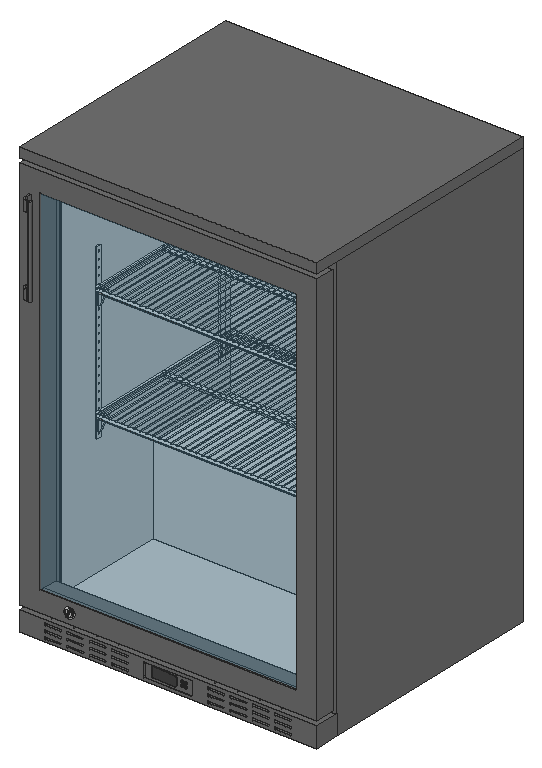
Revit family "QF_KOLDBOX_KBC1_240315125633", category Specialty Equipment, Revit 2021
Family settings
  Round Connector Dimension = Use Diameter
  Part Type = Normal
  OmniClass Number = 23.40.40.14
  OmniClass Title = Food Service Equipment
  Work Plane-Based = No
  Always vertical = Yes
  Cut with Voids When Loaded = No
  Shared = No
  Room Calculation Point = No
Parameters (values of type "KBC1")
  Weight [instance] = 46.9999 kg
  Warranty Start Date [instance] = ""
  Warranty Duration [instance] = ""
  Volts [instance] = 230 V
  Volt Free Conn [instance] = no
  URL Recommended Spares List [instance] = ""
  URL Manufacturer [instance] = ""
  URL Cutsheet [instance] = ""
  URL Critical Spares List [instance] = ""
  URL = "www.koldbox.com"
  Treated Water Size = 0 mm
  Treated Water Recommended Temperature = 0 °C
  Treated Water RI Height [instance] = 0 mm
  Treated Water Minimum Pressure = 0.0 Pa
  Treated Water Maximum Pressure = 0.0 Pa
  Treated Water Flow = 0.0 L/s
  Treated Water Consumption = ""
  Treated Water Connection Height [instance] = 0 mm
  Technical Documentation [instance] = ""
  Tag Number [instance] = ""
  Status [instance] = ""
  Start Up Current [instance] = 0 A
  Specification by User [instance] = ""
  Specification by Manufacturer [instance] = ""
  Sound Level [instance] = ""
  Show Logo [instance] = yes
  Show Clearances [instance] = yes
  Service Life Duration [instance] = ""
  Serial Number [instance] = ""
  Sensitive Heat Output = 0 W
  Seismic Rating [instance] = ""
  SMACNA No [instance] = ""
  Revision Code [instance] = ""
  Revision [instance] = ""
  Refrigeration Suction Line Size = 0 mm
  Refrigeration Liquid Line Size = 0 mm
  Production Year [instance] = ""
  Potential Equalisation [instance] = no
  Point Load [instance] = 0
  Plumbing Remarks [instance] = ""
  Phase [instance] = 1
  Other Equipment Approvals [instance] = ""
  Operational Current [instance] = 0 A
  Odor Trap Included = no
  Number of Poles [instance] = 2
  No Load Power Draw [instance] = no
  National Water Regulation Certification = no
  NAFEM Spec ID Number [instance] = ""
  Model Warning [instance] = ""
  Model = "KBC1"
  Min Ckt Ampacity [instance] = 0 A
  Mechanical Remarks [instance] = ""
  Mechanical Connection Type [instance] = ""
  Max Overcurrent Protection [instance] = 10 A
  Masterspec [instance] = ""
  Manufacturer = "KOLDBOX"
  Main switch integrated [instance] = no
  Length Actual [instance] = 599.948 mm
  Latent Heat Output = 0 W
  Item Number [instance] = ""
  Installed By [instance] = ""
  Installation Date [instance] = ""
  Identify Quantity as Lot [instance] = no
  ID [instance] = ""
  Hygiene Approval [instance] = ""
  Hot Water Consumption = 0.0 L/s
  Height Actual [instance] = 899.998 mm
  HP power [instance] = ""
  Gas power kW = 0
  Furnished By [instance] = ""
  Foodservice Equipment Identifier [instance] = no
  Filtered Water Supply Size = 0 mm
  Filtered Water RI Height [instance] = 0 mm
  Filtered Water Quality = ""
  Filtered Water Minimum Pressure = 0.0 Pa
  Filtered Water Maximum Pressure = 0.0 Pa
  Filtered Water Flow = 0.0 L/s
  Filtered Water Connection Height [instance] = 0 mm
  FL Amps [instance] = 2.54 A
  Energy Efficiency Labelling = ""
  Electrical Remarks [instance] = ""
  Electric power [instance] = 580 W
  Electric Connection Type [instance] = ""
  Elec Conn RI Height [instance] = 0 mm
  Elec Conn Connection Height [instance] = 0 mm
  ETL Approved [instance] = no
  Direct Heat Output = 0 W
  Description = "KOLDBOX SINGLE DOOR BACK BAR COOLER"
  Depth Actual [instance] = 519.989 mm
  Default Elevation = 0 mm
  Cycle [instance] = 50 Hz
  Cost = 554
  Connection to energy optimisation system [instance] = yes
  Conn Plug [instance] = ""
  Conn Conduit [instance] = no
  Cold Water Consumption = 0.0 L/s
  Centralized building control system with digital interface [instance] = ""
  CSI MasterFormat [instance] = ""
  CE Approved [instance] = no
  Barcode [instance] = 0
  Author [instance] = ""
  Asset Identifier [instance] = ""
  Apparent Power [instance] = 580 VA
  Accessory [instance] = no
Reference planes
  plane 1 "Center (Front/Back)": y = 0
  plane 2: z = 0
  plane 3 "Center (Left/Right)": x = 0
Forms (mm)
  Extrusion 1, solid, not visible
    sketch origin (100.005, -2, 100.005) x (1, 0, 0) y (0, 1, 0)
      loop
        line (-2, 2) -> (-2, -2) -> (2, -2) -> (2, 2) -> (-2, 2)
    from -2 to 2
Dimensions and locks
  locked: Extrusion 1 to nested 2
  locked: nested 2 to Extrusion 1 at 2
  aligned and locked: level to plane 2
Nested families
  nested 1: "QF_KOLDBOX_KBC1_2861" at (0, 0, 0), type "KBC1"
    with Weight 1512.18 kg, Warranty Start Date "", Warranty Duration "", URL Cutsheet "", Technical Documentation "", Tag Number "", Status "", Specification by User "", Specification by Manufacturer "", Sound Level "", Solid Fuel Type "", Show Logo yes, Show Clearances yes, Service Life Duration "", Serial Number "", Seismic Rating "", SMACNA No "", Revision Code "", Revision "", Production Year "", Point Load 0, Other Equipment Approvals "", NAFEM Spec ID Number "", Model Warning "", Masterspec "", Length Actual 599.948 mm, Item Number "", Installed By "", Installation Date "", Identify Quantity as Lot yes, ID "", Hygiene Approval "", Height Actual 899.998 mm, Furnished By "", Foodservice Equipment Identifier yes, ETL Approved yes, Depth Actual 519.989 mm, CSI MasterFormat "", CE Approved yes, Barcode "", Author "", Asset Identifier "", Accessory no
  nested 2: "CONN_POINT_ELE_2D___Generic_Annotation" at (100.005, 0, 100.005), type "CONN_POINT_ELE_2D___Generic_Annotation"
    with Onboard connection annotation symbol visibility yes
Connectors
  electrical at (100.005, 0, 100.005), driven by "Apparent Power", driven by "Number of Poles", driven by "Volts"
    settings: on Extrusion 1, index 1, voltage 230 V, apparent load 0 VA, apparent load phase1 580 VA, apparent load phase2 0 VA, apparent load phase3 0 VA, power factor 1, load classification "Other", number of poles 2, system type 31, power factor state 1, is connector primary yes, connector utility no, sub classification motor no, connector description "Electrical connection for KBC1"
Definition of nested family "QF_KOLDBOX_KBC1_2861"
  Parameters (values of type "KBC1")
    Weight [instance] = 0.00 kg
    Warranty Start Date [instance] = ""
    Warranty Duration [instance] = ""
    URL Cutsheet [instance] = ""
    URL = "www.koldbox.com"
    Technical Documentation [instance] = ""
    Tag Number [instance] = ""
    Status [instance] = ""
    Specification by User [instance] = ""
    Specification by Manufacturer [instance] = ""
    Sound Level [instance] = ""
    Solid Fuel Type [instance] = ""
    Show Logo [instance] = yes
    Show Clearances [instance] = yes
    Service Life Duration [instance] = ""
    Serial Number [instance] = ""
    Seismic Rating [instance] = ""
    SMACNA No [instance] = ""
    Revision Code [instance] = ""
    Revision [instance] = ""
    Production Year [instance] = ""
    Point Load [instance] = 0
    Other Equipment Approvals [instance] = ""
    NAFEM Spec ID Number [instance] = ""
    Model Warning [instance] = ""
    Model = "KBC1"
    Masterspec [instance] = ""
    Manufacturer = "KOLDBOX"
    Length Actual [instance] = 0 mm
    Item Number [instance] = ""
    Installed By [instance] = ""
    Installation Date [instance] = ""
    Identify Quantity as Lot [instance] = yes
    ID [instance] = ""
    Hygiene Approval [instance] = ""
    Height Actual [instance] = 0 mm
    Furnished By [instance] = ""
    Foodservice Equipment Identifier [instance] = yes
    ETL Approved [instance] = yes
    Description = "KOLDBOX SINGLE DOOR BACK BAR COOLER"
    Depth Actual [instance] = 0 mm
    Default Elevation = 0 mm
    CSI MasterFormat [instance] = ""
    CE Approved [instance] = yes
    Barcode [instance] = ""
    Author [instance] = ""
    Asset Identifier [instance] = ""
    Assembly Code = "E1090320"
    Accessory [instance] = yes
  Reference planes
    plane 1 "Back": y = 0
    plane 2: z = 0
    plane 3 "Left": x = 0
    plane 4 "Right": x = 600
    plane 5 "Front": y = -520
    plane 6 "Top": z = 900
  Forms (mm)
    Extrusion 1, solid
      sketch origin (0, 60, 10) x (1, 0, 0) y (0, 0, 1)
        loop
          line (0, 870) -> (0, 10) -> (600, 10) -> (600, 870) -> (0, 870)
        loop
          line (40, 830) -> (40, 67.5) -> (560, 67.5) -> (560, 830) -> (40, 830)
      from 60 to 530
    Extrusion 2, solid
      sketch origin (0, 0, 70) x (0, 1, 0) y (0, 0, 1)
        loop
          line (0, 830) -> (-520, 830) -> (-520, 810) -> (0, 810) -> (0, 830)
      from 0 to 600
    Revolve 3, solid
      sketch origin (0, -50, 0) x (1, 0, 0) y (0, 0, -1)
        loop
          line (50, -20) -> (50, -15) -> (60, -15) -> (60, 0) -> (40, 0) -> (40, -20) -> (50, -20)
        axis (40, 0) -> (40, -20)
      angle from 0 to 360
    Revolve 4, solid
      sketch origin (100, 120, -715) x (0, 1, 0) y (0, 0, 1)
        loop
          line (-640, 812.281) -> (-640, 815) -> (-641, 815) -> (-642.268, 812.281) -> (-640, 812.281)
        axis (-640, 805) -> (-642.268, 805)
      angle from 0 to 360
    Extrusion 5, solid
      sketch origin (100, -520, -715) x (1, 0, 0) y (0, 0, 1)
        loop
          circle (0, 805) r 7.281
      from 0 to 2.268
    Extrusion 6, solid
      sketch origin (-269.781, -520.768, -715) x (1, 0, 0) y (0, 0, 1)
        loop
          line (368.781, 810.281) -> (368.781, 803.281) -> (370.781, 803.281) -> (370.781, 810.281) -> (368.781, 810.281)
      from 0.232 to 2
    Extrusion 7, solid, visible <- "Show Clearances", detail levels coarse
      sketch origin (0, 0, 0) x (1, 0, 0) y (0, 1, 0)
        loop
          arc (0, -520) -> (175.736, -944.264) -> (600, -1120) r 600
          line (600, -1120) -> (600, -520) -> (0, -520)
      from 70 to 870
    Revolve 8, solid
      sketch origin (595, -50, 0) x (-1, 0, 0) y (0, 0, 1)
        loop
          line (50, 20) -> (40, 20) -> (40, 0) -> (60, 0) -> (60, 15) -> (50, 15) -> (50, 20)
        axis (40, 0) -> (40, 20)
      angle from 0 to 360
    Extrusion 9, solid
      sketch origin (0, -512, 0) x (1, 0, 0) y (0, 0, 1)
        loop
          line (40, 830) -> (40, 110) -> (560, 110) -> (560, 830) -> (40, 830)
      from 0 to 5
    Revolve 10, solid
      sketch origin (0, -470, 0) x (1, 0, 0) y (0, 0, 1)
        loop
          line (50, 20) -> (40, 20) -> (40, 0) -> (60, 0) -> (60, 15) -> (50, 15) -> (50, 20)
        axis (40, 0) -> (40, 20)
      angle from 0 to 360
    Revolve 11, solid
      sketch origin (595, -470, 0) x (-1, 0, 0) y (0, 0, -1)
        loop
          line (50, -20) -> (50, -15) -> (60, -15) -> (60, 0) -> (40, 0) -> (40, -20) -> (50, -20)
        axis (40, 0) -> (40, -20)
      angle from 0 to 360
    Extrusion 12, solid
      sketch origin (0, 0, 0) x (1, 0, 0) y (0, 0, 1)
        loop
          line (40, 840) -> (40, 60) -> (560, 60) -> (560, 840) -> (40, 840)
      from 0 to 40
    Extrusion 13, solid
      sketch origin (-21.5, 0, 800) x (1, 0, 0) y (0, 1, 0)
        loop
          line (40, -520) -> (40, -530)
          arc (40, -530) -> (43.107, -537.5) -> (50.607, -540.607) r 10.607
          line (50.607, -540.607) -> (52.579, -540.607) -> (52.579, -537.607) -> (50.607, -537.607)
          arc (50.607, -537.607) -> (45.228, -535.379) -> (43, -530) r 7.607
          line (43, -530) -> (43, -520) -> (40, -520)
      from 0 to 20
    Extrusion 14, solid
      sketch origin (-21.5, 0, 640) x (1, 0, 0) y (0, 1, 0)
        loop
          line (40, -520) -> (40, -530)
          arc (40, -530) -> (43.107, -537.5) -> (50.607, -540.607) r 10.607
          line (50.607, -540.607) -> (52.579, -540.607) -> (52.579, -537.607) -> (50.607, -537.607)
          arc (50.607, -537.607) -> (45.228, -535.379) -> (43, -530) r 7.607
          line (43, -530) -> (43, -520) -> (40, -520)
      from 0 to 20
    Extrusion 15, solid
      sketch origin (-21.5, 0, 80) x (1, 0, 0) y (0, 1, 0)
        loop
          line (52.579, -537.607) -> (52.579, -540.607) -> (54.579, -540.607)
          arc (54.579, -540.607) -> (60.177, -539.107) -> (54.579, -537.607) r 3
          line (54.579, -537.607) -> (52.579, -537.607)
      from 560 to 740
    Extrusion 16, solid
      sketch origin (0, -480, 0) x (1, 0, 0) y (0, 0, 1)
        loop
          line (0, 60) -> (0, 20) -> (600, 20) -> (600, 60) -> (0, 60)
        loop
          arc (52.5, 55) -> (50, 52.5) -> (52.5, 50) r 2.5
          line (52.5, 50) -> (82.5, 50)
          arc (82.5, 50) -> (85, 52.5) -> (82.5, 55) r 2.5
          line (82.5, 55) -> (52.5, 55)
        loop
          line (52.5, 25) -> (82.5, 25)
          arc (82.5, 25) -> (85, 27.5) -> (82.5, 30) r 2.5
          line (82.5, 30) -> (52.5, 30)
          arc (52.5, 30) -> (50, 27.5) -> (52.5, 25) r 2.5
        loop
          line (52.5, 37.5) -> (82.5, 37.5)
          arc (82.5, 37.5) -> (85, 40) -> (82.5, 42.5) r 2.5
          line (82.5, 42.5) -> (52.5, 42.5)
          arc (52.5, 42.5) -> (50, 40) -> (52.5, 37.5) r 2.5
        loop
          arc (250, 28) -> (250.879, 25.879) -> (253, 25) r 3
          line (253, 25) -> (347, 25)
          arc (347, 25) -> (349.121, 25.879) -> (350, 28) r 3
          line (350, 28) -> (350, 52)
          arc (350, 52) -> (349.121, 54.121) -> (347, 55) r 3
          line (347, 55) -> (253, 55)
          arc (253, 55) -> (250.879, 54.121) -> (250, 52) r 3
          line (250, 52) -> (250, 28)
        loop
          arc (97.5, 55) -> (95, 52.5) -> (97.5, 50) r 2.5
          line (97.5, 50) -> (127.5, 50)
          arc (127.5, 50) -> (130, 52.5) -> (127.5, 55) r 2.5
          line (127.5, 55) -> (97.5, 55)
        loop
          line (97.5, 25) -> (127.5, 25)
          arc (127.5, 25) -> (130, 27.5) -> (127.5, 30) r 2.5
          line (127.5, 30) -> (97.5, 30)
          arc (97.5, 30) -> (95, 27.5) -> (97.5, 25) r 2.5
        loop
          line (97.5, 37.5) -> (127.5, 37.5)
          arc (127.5, 37.5) -> (130, 40) -> (127.5, 42.5) r 2.5
          line (127.5, 42.5) -> (97.5, 42.5)
          arc (97.5, 42.5) -> (95, 40) -> (97.5, 37.5) r 2.5
        loop
          arc (142.5, 55) -> (140, 52.5) -> (142.5, 50) r 2.5
          line (142.5, 50) -> (172.5, 50)
          arc (172.5, 50) -> (175, 52.5) -> (172.5, 55) r 2.5
          line (172.5, 55) -> (142.5, 55)
        loop
          line (142.5, 25) -> (172.5, 25)
          arc (172.5, 25) -> (175, 27.5) -> (172.5, 30) r 2.5
          line (172.5, 30) -> (142.5, 30)
          arc (142.5, 30) -> (140, 27.5) -> (142.5, 25) r 2.5
        loop
          line (142.5, 37.5) -> (172.5, 37.5)
          arc (172.5, 37.5) -> (175, 40) -> (172.5, 42.5) r 2.5
          line (172.5, 42.5) -> (142.5, 42.5)
          arc (142.5, 42.5) -> (140, 40) -> (142.5, 37.5) r 2.5
        loop
          arc (187.5, 55) -> (185, 52.5) -> (187.5, 50) r 2.5
          line (187.5, 50) -> (217.5, 50)
          arc (217.5, 50) -> (220, 52.5) -> (217.5, 55) r 2.5
          line (217.5, 55) -> (187.5, 55)
        loop
          line (187.5, 25) -> (217.5, 25)
          arc (217.5, 25) -> (220, 27.5) -> (217.5, 30) r 2.5
          line (217.5, 30) -> (187.5, 30)
          arc (187.5, 30) -> (185, 27.5) -> (187.5, 25) r 2.5
        loop
          line (187.5, 37.5) -> (217.5, 37.5)
          arc (217.5, 37.5) -> (220, 40) -> (217.5, 42.5) r 2.5
          line (217.5, 42.5) -> (187.5, 42.5)
          arc (187.5, 42.5) -> (185, 40) -> (187.5, 37.5) r 2.5
        loop
          line (547.5, 55) -> (517.5, 55)
          arc (517.5, 55) -> (515, 52.5) -> (517.5, 50) r 2.5
          line (517.5, 50) -> (547.5, 50)
          arc (547.5, 50) -> (550, 52.5) -> (547.5, 55) r 2.5
        loop
          arc (547.5, 25) -> (550, 27.5) -> (547.5, 30) r 2.5
          line (547.5, 30) -> (517.5, 30)
          arc (517.5, 30) -> (515, 27.5) -> (517.5, 25) r 2.5
          line (517.5, 25) -> (547.5, 25)
        loop
          arc (547.5, 37.5) -> (550, 40) -> (547.5, 42.5) r 2.5
          line (547.5, 42.5) -> (517.5, 42.5)
          arc (517.5, 42.5) -> (515, 40) -> (517.5, 37.5) r 2.5
          line (517.5, 37.5) -> (547.5, 37.5)
        loop
          line (502.5, 55) -> (472.5, 55)
          arc (472.5, 55) -> (470, 52.5) -> (472.5, 50) r 2.5
          line (472.5, 50) -> (502.5, 50)
          arc (502.5, 50) -> (505, 52.5) -> (502.5, 55) r 2.5
        loop
          arc (502.5, 25) -> (505, 27.5) -> (502.5, 30) r 2.5
          line (502.5, 30) -> (472.5, 30)
          arc (472.5, 30) -> (470, 27.5) -> (472.5, 25) r 2.5
          line (472.5, 25) -> (502.5, 25)
        loop
          arc (502.5, 37.5) -> (505, 40) -> (502.5, 42.5) r 2.5
          line (502.5, 42.5) -> (472.5, 42.5)
          arc (472.5, 42.5) -> (470, 40) -> (472.5, 37.5) r 2.5
          line (472.5, 37.5) -> (502.5, 37.5)
        loop
          line (457.5, 55) -> (427.5, 55)
          arc (427.5, 55) -> (425, 52.5) -> (427.5, 50) r 2.5
          line (427.5, 50) -> (457.5, 50)
          arc (457.5, 50) -> (460, 52.5) -> (457.5, 55) r 2.5
        loop
          arc (457.5, 25) -> (460, 27.5) -> (457.5, 30) r 2.5
          line (457.5, 30) -> (427.5, 30)
          arc (427.5, 30) -> (425, 27.5) -> (427.5, 25) r 2.5
          line (427.5, 25) -> (457.5, 25)
        loop
          arc (457.5, 37.5) -> (460, 40) -> (457.5, 42.5) r 2.5
          line (457.5, 42.5) -> (427.5, 42.5)
          arc (427.5, 42.5) -> (425, 40) -> (427.5, 37.5) r 2.5
          line (427.5, 37.5) -> (457.5, 37.5)
        loop
          line (412.5, 55) -> (382.5, 55)
          arc (382.5, 55) -> (380, 52.5) -> (382.5, 50) r 2.5
          line (382.5, 50) -> (412.5, 50)
          arc (412.5, 50) -> (415, 52.5) -> (412.5, 55) r 2.5
        loop
          arc (412.5, 25) -> (415, 27.5) -> (412.5, 30) r 2.5
          line (412.5, 30) -> (382.5, 30)
          arc (382.5, 30) -> (380, 27.5) -> (382.5, 25) r 2.5
          line (382.5, 25) -> (412.5, 25)
        loop
          arc (412.5, 37.5) -> (415, 40) -> (412.5, 42.5) r 2.5
          line (412.5, 42.5) -> (382.5, 42.5)
          arc (382.5, 42.5) -> (380, 40) -> (382.5, 37.5) r 2.5
          line (382.5, 37.5) -> (412.5, 37.5)
      from -10 to 40
    Extrusion 17, solid
      sketch origin (0, -471, 0) x (1, 0, 0) y (0, 0, 1)
        loop
          arc (250, 28) -> (250.879, 25.879) -> (253, 25) r 3
          line (253, 25) -> (347, 25)
          arc (347, 25) -> (349.121, 25.879) -> (350, 28) r 3
          line (350, 28) -> (350, 52)
          arc (350, 52) -> (349.121, 54.121) -> (347, 55) r 3
          line (347, 55) -> (253, 55)
          arc (253, 55) -> (250.879, 54.121) -> (250, 52) r 3
          line (250, 52) -> (250, 28)
      from -1 to 45
    Extrusion 18, solid
      sketch origin (20, -516, 0) x (1, 0, 0) y (0, 0, 1)
        loop
          arc (230, 28) -> (230.879, 25.879) -> (233, 25) r 3
          line (233, 25) -> (327, 25)
          arc (327, 25) -> (329.121, 25.879) -> (330, 28) r 3
          line (330, 28) -> (330, 52)
          arc (330, 52) -> (329.121, 54.121) -> (327, 55) r 3
          line (327, 55) -> (233, 55)
          arc (233, 55) -> (230.879, 54.121) -> (230, 52) r 3
          line (230, 52) -> (230, 28)
        loop
          circle (313.728, 36.25) r 2.5
        loop
          circle (306.228, 43.75) r 2.5
        loop
          line (295, 33) -> (295, 47)
          arc (295, 47) -> (294.121, 49.121) -> (292, 50) r 3
          line (292, 50) -> (248, 50)
          arc (248, 50) -> (245.879, 49.121) -> (245, 47) r 3
          line (245, 47) -> (245, 33)
          arc (245, 33) -> (245.879, 30.879) -> (248, 30) r 3
          line (248, 30) -> (292, 30)
          arc (292, 30) -> (294.121, 30.879) -> (295, 33) r 3
        loop
          circle (313.728, 43.75) r 2.5
        loop
          circle (306.228, 36.25) r 2.5
      from 0 to 2
    Extrusion 19, solid
      sketch origin (40, -480, 0) x (1, 0, 0) y (0, 0, 1)
        loop
          line (-25, 75) -> (545, 75) -> (545, 845) -> (-25, 845) -> (-25, 75)
        loop
          line (-15, 85) -> (535, 85) -> (535, 835) -> (-15, 835) -> (-15, 85)
      from -10 to 0
    Extrusion 20, solid
      sketch origin (40, 0, 0) x (0, 1, 0) y (0, 0, 1)
        loop
          line (-470, 840) -> (-470, 835) -> (-45, 835) -> (-45, 260) -> (-240, 260) -> (-240, 82.5) -> (-470, 82.5) -> (-470, 77.5) -> (-40, 77.5) -> (-40, 840) -> (-470, 840)
      from 0 to 520
    Extrusion 21, solid
      sketch origin (555, 0, 0) x (0, 1, 0) y (0, 0, 1)
        loop
          line (-470, 840) -> (-470, 82.5) -> (-240, 82.5) -> (-240, 260) -> (-45, 260) -> (-45, 840) -> (-470, 840)
      from 0 to 5
    Extrusion 22, solid
      sketch origin (40, 0, 0) x (0, 1, 0) y (0, 0, 1)
        loop
          line (-470, 840) -> (-470, 82.5) -> (-240, 82.5) -> (-240, 260) -> (-45, 260) -> (-45, 840) -> (-470, 840)
      from 0 to 5
    Extrusion 23, solid
      sketch origin (27.5, -516, 0) x (1, 0, 0) y (0, 0, 1)
        loop
          circle (306.228, 43.75) r 2.5
      from 0 to 2
    Extrusion 24, solid
      sketch origin (20, -516, -7.5) x (1, 0, 0) y (0, 0, 1)
        loop
          circle (306.228, 43.75) r 2.5
      from 0 to 2
    Extrusion 25, solid
      sketch origin (-18.935, -516, 0) x (1, 0, 0) y (0, 0, 1)
        loop
          arc (286.935, 50) -> (284.813, 49.121) -> (283.935, 47) r 3
          line (283.935, 47) -> (283.935, 33)
          arc (283.935, 33) -> (284.813, 30.879) -> (286.935, 30) r 3
          line (286.935, 30) -> (330.935, 30)
          arc (330.935, 30) -> (333.056, 30.879) -> (333.935, 33) r 3
          line (333.935, 33) -> (333.935, 47)
          arc (333.935, 47) -> (333.056, 49.121) -> (330.935, 50) r 3
          line (330.935, 50) -> (286.935, 50)
      from 0 to 2
    Extrusion 26, solid
      sketch origin (20, -516, 0) x (1, 0, 0) y (0, 0, 1)
        loop
          circle (306.228, 43.75) r 2.5
      from 0 to 2
    Extrusion 27, solid
      sketch origin (27.5, -516, -7.5) x (1, 0, 0) y (0, 0, 1)
        loop
          circle (306.228, 43.75) r 2.5
      from 0 to 2
    Extrusion 28, solid
      sketch origin (-644.641, -500, 0) x (1, 0, 0) y (0, 0, 1)
        loop
          line (644.641, 870) -> (644.641, 70) -> (1244.641, 70) -> (1244.641, 870) -> (644.641, 870)
        loop
          line (684.641, 830) -> (684.641, 110) -> (1204.641, 110) -> (1204.641, 830) -> (684.641, 830)
      from -20 to 20
    Sweep 29, solid
      path origin (49.141, -109.803, 607.382) x (1, 0, 0) y (0, 1, 0)
        loop
          arc (17.859, 55.803) -> (9.373, 52.288) -> (5.859, 43.803) r 12
          line (5.859, 43.803) -> (5.859, -278.83)
          arc (5.859, -278.83) -> (9.373, -287.316) -> (17.859, -290.83) r 12
          line (17.859, -290.83) -> (483.859, -290.83)
          arc (483.859, -290.83) -> (492.344, -287.316) -> (495.859, -278.83) r 12
          line (495.859, -278.83) -> (495.859, 43.803)
          arc (495.859, 43.803) -> (492.344, 52.288) -> (483.859, 55.803) r 12
          line (483.859, 55.803) -> (17.859, 55.803)
      profile origin (300, -54, 607.382) x (0, 1, 0) y (0, 0, 1)
        loop
          circle (0, 0) r 3.5
    Extrusion 30, solid
      sketch origin (47, -109.803, 607.382) x (1, 0, 0) y (0, 0, 1)
        loop
          circle (13.5, 4.5) r 1
        loop
          circle (26, 4.5) r 1
        loop
          circle (38.5, 4.5) r 1
        loop
          circle (51, 4.5) r 1
        loop
          circle (63.5, 4.5) r 1
        loop
          circle (76, 4.5) r 1
        loop
          circle (88.5, 4.5) r 1
        loop
          circle (101, 4.5) r 1
        loop
          circle (113.5, 4.5) r 1
        loop
          circle (126, 4.5) r 1
        loop
          circle (138.5, 4.5) r 1
        loop
          circle (151, 4.5) r 1
        loop
          circle (163.5, 4.5) r 1
        loop
          circle (176, 4.5) r 1
        loop
          circle (188.5, 4.5) r 1
        loop
          circle (201, 4.5) r 1
        loop
          circle (213.5, 4.5) r 1
        loop
          circle (226, 4.5) r 1
        loop
          circle (238.5, 4.5) r 1
        loop
          circle (251, 4.5) r 1
        loop
          circle (263.5, 4.5) r 1
        loop
          circle (276, 4.5) r 1
        loop
          circle (288.5, 4.5) r 1
        loop
          circle (301, 4.5) r 1
        loop
          circle (313.5, 4.5) r 1
        loop
          circle (326, 4.5) r 1
        loop
          circle (338.5, 4.5) r 1
        loop
          circle (351, 4.5) r 1
        loop
          circle (363.5, 4.5) r 1
        loop
          circle (376, 4.5) r 1
        loop
          circle (388.5, 4.5) r 1
        loop
          circle (401, 4.5) r 1
        loop
          circle (413.5, 4.5) r 1
        loop
          circle (426, 4.5) r 1
        loop
          circle (438.5, 4.5) r 1
        loop
          circle (451, 4.5) r 1
        loop
          circle (463.5, 4.5) r 1
        loop
          circle (476, 4.5) r 1
        loop
          circle (488.5, 4.5) r 1
      from -55.803 to 290.83
    Extrusion 31, solid
      sketch origin (55, -15.816, 607.382) x (0, 1, 0) y (0, 0, 1)
        loop
          circle (-211.5, 0) r 3.5
      from 0 to 490
    Extrusion 32, solid
      sketch origin (1663.773, -1334.75, -239.071) x (1, 0, 0) y (0, 0, 1)
        loop
          line (-1608.773, 812.071) -> (-1593.825, 844.071) -> (-1608.773, 844.071) -> (-1608.773, 812.071)
      from -1264.75 to -1262.75
    Sweep 33, solid
      path origin (49.141, -109.803, 379.382) x (1, 0, 0) y (0, 1, 0)
        loop
          arc (17.859, 55.803) -> (9.373, 52.288) -> (5.859, 43.803) r 12
          line (5.859, 43.803) -> (5.859, -278.83)
          arc (5.859, -278.83) -> (9.373, -287.316) -> (17.859, -290.83) r 12
          line (17.859, -290.83) -> (483.859, -290.83)
          arc (483.859, -290.83) -> (492.344, -287.316) -> (495.859, -278.83) r 12
          line (495.859, -278.83) -> (495.859, 43.803)
          arc (495.859, 43.803) -> (492.344, 52.288) -> (483.859, 55.803) r 12
          line (483.859, 55.803) -> (17.859, 55.803)
      profile origin (300, -54, 379.382) x (0, 1, 0) y (0, 0, 1)
        loop
          circle (0, 0) r 3.5
    Extrusion 34, solid
      sketch origin (55, -15.816, 379.382) x (0, 1, 0) y (0, 0, 1)
        loop
          circle (-211.5, 0) r 3.5
      from 0 to 490
    Extrusion 35, solid
      sketch origin (47, -109.803, 379.382) x (1, 0, 0) y (0, 0, 1)
        loop
          circle (13.5, 4.5) r 1
        loop
          circle (26, 4.5) r 1
        loop
          circle (38.5, 4.5) r 1
        loop
          circle (51, 4.5) r 1
        loop
          circle (63.5, 4.5) r 1
        loop
          circle (76, 4.5) r 1
        loop
          circle (88.5, 4.5) r 1
        loop
          circle (101, 4.5) r 1
        loop
          circle (113.5, 4.5) r 1
        loop
          circle (126, 4.5) r 1
        loop
          circle (138.5, 4.5) r 1
        loop
          circle (151, 4.5) r 1
        loop
          circle (163.5, 4.5) r 1
        loop
          circle (176, 4.5) r 1
        loop
          circle (188.5, 4.5) r 1
        loop
          circle (201, 4.5) r 1
        loop
          circle (213.5, 4.5) r 1
        loop
          circle (226, 4.5) r 1
        loop
          circle (238.5, 4.5) r 1
        loop
          circle (251, 4.5) r 1
        loop
          circle (263.5, 4.5) r 1
        loop
          circle (276, 4.5) r 1
        loop
          circle (288.5, 4.5) r 1
        loop
          circle (301, 4.5) r 1
        loop
          circle (313.5, 4.5) r 1
        loop
          circle (326, 4.5) r 1
        loop
          circle (338.5, 4.5) r 1
        loop
          circle (351, 4.5) r 1
        loop
          circle (363.5, 4.5) r 1
        loop
          circle (376, 4.5) r 1
        loop
          circle (388.5, 4.5) r 1
        loop
          circle (401, 4.5) r 1
        loop
          circle (413.5, 4.5) r 1
        loop
          circle (426, 4.5) r 1
        loop
          circle (438.5, 4.5) r 1
        loop
          circle (451, 4.5) r 1
        loop
          circle (463.5, 4.5) r 1
        loop
          circle (476, 4.5) r 1
        loop
          circle (488.5, 4.5) r 1
      from -55.803 to 290.83
    Extrusion 36, solid
      sketch origin (45, 4, -0.606) x (0, 1, 0) y (0, 0, 1)
        loop
          line (-70, 678) -> (-80, 678) -> (-80, 330) -> (-70, 330) -> (-70, 678)
        loop
          line (-77, 336.989) -> (-73, 336.989) -> (-73, 340.989) -> (-77, 340.989) -> (-77, 336.989)
        loop
          line (-77, 351.989) -> (-73, 351.989) -> (-73, 355.989) -> (-77, 355.989) -> (-77, 351.989)
        loop
          line (-77, 366.989) -> (-73, 366.989) -> (-73, 370.989) -> (-77, 370.989) -> (-77, 366.989)
        loop
          line (-77, 381.989) -> (-73, 381.989) -> (-73, 385.989) -> (-77, 385.989) -> (-77, 381.989)
        loop
          line (-77, 396.989) -> (-73, 396.989) -> (-73, 400.989) -> (-77, 400.989) -> (-77, 396.989)
        loop
          line (-77, 411.989) -> (-73, 411.989) -> (-73, 415.989) -> (-77, 415.989) -> (-77, 411.989)
        loop
          line (-77, 426.989) -> (-73, 426.989) -> (-73, 430.989) -> (-77, 430.989) -> (-77, 426.989)
        loop
          line (-77, 441.989) -> (-73, 441.989) -> (-73, 445.989) -> (-77, 445.989) -> (-77, 441.989)
        loop
          line (-77, 456.989) -> (-73, 456.989) -> (-73, 460.989) -> (-77, 460.989) -> (-77, 456.989)
        loop
          line (-77, 471.989) -> (-73, 471.989) -> (-73, 475.989) -> (-77, 475.989) -> (-77, 471.989)
        loop
          line (-77, 486.989) -> (-73, 486.989) -> (-73, 490.989) -> (-77, 490.989) -> (-77, 486.989)
        loop
          line (-77, 501.989) -> (-73, 501.989) -> (-73, 505.989) -> (-77, 505.989) -> (-77, 501.989)
        loop
          line (-77, 516.989) -> (-73, 516.989) -> (-73, 520.989) -> (-77, 520.989) -> (-77, 516.989)
        loop
          line (-77, 531.989) -> (-73, 531.989) -> (-73, 535.989) -> (-77, 535.989) -> (-77, 531.989)
        loop
          line (-77, 546.989) -> (-73, 546.989) -> (-73, 550.989) -> (-77, 550.989) -> (-77, 546.989)
        loop
          line (-77, 561.989) -> (-73, 561.989) -> (-73, 565.989) -> (-77, 565.989) -> (-77, 561.989)
        loop
          line (-77, 576.989) -> (-73, 576.989) -> (-73, 580.989) -> (-77, 580.989) -> (-77, 576.989)
        loop
          line (-77, 591.989) -> (-73, 591.989) -> (-73, 595.989) -> (-77, 595.989) -> (-77, 591.989)
        loop
          line (-77, 606.989) -> (-73, 606.989) -> (-73, 610.989) -> (-77, 610.989) -> (-77, 606.989)
        loop
          line (-77, 621.989) -> (-73, 621.989) -> (-73, 625.989) -> (-77, 625.989) -> (-77, 621.989)
        loop
          line (-77, 636.989) -> (-73, 636.989) -> (-73, 640.989) -> (-77, 640.989) -> (-77, 636.989)
        loop
          line (-77, 651.989) -> (-73, 651.989) -> (-73, 655.989) -> (-77, 655.989) -> (-77, 651.989)
        loop
          line (-77, 666.989) -> (-73, 666.989) -> (-73, 670.989) -> (-77, 670.989) -> (-77, 666.989)
      from 0 to 5
    Extrusion 37, solid
      sketch origin (45, -458.633, -0.606) x (0, -1, 0) y (0, 0, -1)
        loop
          line (-70, -678) -> (-70, -330) -> (-80, -330) -> (-80, -678) -> (-70, -678)
        loop
          line (-77, -336.989) -> (-77, -340.989) -> (-73, -340.989) -> (-73, -336.989) -> (-77, -336.989)
        loop
          line (-77, -351.989) -> (-77, -355.989) -> (-73, -355.989) -> (-73, -351.989) -> (-77, -351.989)
        loop
          line (-77, -366.989) -> (-77, -370.989) -> (-73, -370.989) -> (-73, -366.989) -> (-77, -366.989)
        loop
          line (-77, -381.989) -> (-77, -385.989) -> (-73, -385.989) -> (-73, -381.989) -> (-77, -381.989)
        loop
          line (-77, -396.989) -> (-77, -400.989) -> (-73, -400.989) -> (-73, -396.989) -> (-77, -396.989)
        loop
          line (-77, -411.989) -> (-77, -415.989) -> (-73, -415.989) -> (-73, -411.989) -> (-77, -411.989)
        loop
          line (-77, -426.989) -> (-77, -430.989) -> (-73, -430.989) -> (-73, -426.989) -> (-77, -426.989)
        loop
          line (-77, -441.989) -> (-77, -445.989) -> (-73, -445.989) -> (-73, -441.989) -> (-77, -441.989)
        loop
          line (-77, -456.989) -> (-77, -460.989) -> (-73, -460.989) -> (-73, -456.989) -> (-77, -456.989)
        loop
          line (-77, -471.989) -> (-77, -475.989) -> (-73, -475.989) -> (-73, -471.989) -> (-77, -471.989)
        loop
          line (-77, -486.989) -> (-77, -490.989) -> (-73, -490.989) -> (-73, -486.989) -> (-77, -486.989)
        loop
          line (-77, -501.989) -> (-77, -505.989) -> (-73, -505.989) -> (-73, -501.989) -> (-77, -501.989)
        loop
          line (-77, -516.989) -> (-77, -520.989) -> (-73, -520.989) -> (-73, -516.989) -> (-77, -516.989)
        loop
          line (-77, -531.989) -> (-77, -535.989) -> (-73, -535.989) -> (-73, -531.989) -> (-77, -531.989)
        loop
          line (-77, -546.989) -> (-77, -550.989) -> (-73, -550.989) -> (-73, -546.989) -> (-77, -546.989)
        loop
          line (-77, -561.989) -> (-77, -565.989) -> (-73, -565.989) -> (-73, -561.989) -> (-77, -561.989)
        loop
          line (-77, -576.989) -> (-77, -580.989) -> (-73, -580.989) -> (-73, -576.989) -> (-77, -576.989)
        loop
          line (-77, -591.989) -> (-77, -595.989) -> (-73, -595.989) -> (-73, -591.989) -> (-77, -591.989)
        loop
          line (-77, -606.989) -> (-77, -610.989) -> (-73, -610.989) -> (-73, -606.989) -> (-77, -606.989)
        loop
          line (-77, -621.989) -> (-77, -625.989) -> (-73, -625.989) -> (-73, -621.989) -> (-77, -621.989)
        loop
          line (-77, -636.989) -> (-77, -640.989) -> (-73, -640.989) -> (-73, -636.989) -> (-77, -636.989)
        loop
          line (-77, -651.989) -> (-77, -655.989) -> (-73, -655.989) -> (-73, -651.989) -> (-77, -651.989)
        loop
          line (-77, -666.989) -> (-77, -670.989) -> (-73, -670.989) -> (-73, -666.989) -> (-77, -666.989)
      from 0 to 5
    Extrusion 38, solid
      sketch origin (50, -458.633, -0.606) x (0, -1, 0) y (0, 0, -1)
        loop
          line (-382.633, -605.606) -> (-382.633, -573.606) -> (-392.633, -573.606) -> (-392.633, -605.606) -> (-382.633, -605.606)
      from 0 to 5
    Extrusion 39, solid
      sketch origin (1663.773, -1334.75, -467.071) x (1, 0, 0) y (0, 0, 1)
        loop
          line (-1608.773, 812.071) -> (-1593.825, 844.071) -> (-1608.773, 844.071) -> (-1608.773, 812.071)
      from -1264.75 to -1262.75
    Extrusion 40, solid
      sketch origin (50, -458.633, -228.606) x (0, -1, 0) y (0, 0, -1)
        loop
          line (-382.633, -605.606) -> (-382.633, -573.606) -> (-392.633, -573.606) -> (-392.633, -605.606) -> (-382.633, -605.606)
      from 0 to 5
    Extrusion 41, solid
      sketch origin (1663.773, 880.117, -239.071) x (1, 0, 0) y (0, 0, -1)
        loop
          line (-1608.773, -812.071) -> (-1608.773, -844.071) -> (-1593.825, -844.071) -> (-1608.773, -812.071)
      from -1264.75 to -1262.75
    Extrusion 42, solid
      sketch origin (50, 4, -0.606) x (0, 1, 0) y (0, 0, 1)
        loop
          line (-382.633, 605.606) -> (-392.633, 605.606) -> (-392.633, 573.606) -> (-382.633, 573.606) -> (-382.633, 605.606)
      from 0 to 5
    Extrusion 43, solid
      sketch origin (1663.773, 880.117, -467.071) x (1, 0, 0) y (0, 0, -1)
        loop
          line (-1608.773, -812.071) -> (-1608.773, -844.071) -> (-1593.825, -844.071) -> (-1608.773, -812.071)
      from -1264.75 to -1262.75
    Extrusion 44, solid
      sketch origin (50, 4, -228.606) x (0, 1, 0) y (0, 0, 1)
        loop
          line (-382.633, 605.606) -> (-392.633, 605.606) -> (-392.633, 573.606) -> (-382.633, 573.606) -> (-382.633, 605.606)
      from 0 to 5
    Extrusion 45, solid
      sketch origin (-1063.773, -1334.75, -239.071) x (-1, 0, 0) y (0, 0, -1)
        loop
          line (-1608.773, -812.071) -> (-1608.773, -844.071) -> (-1593.825, -844.071) -> (-1608.773, -812.071)
      from -1264.75 to -1262.75
    Extrusion 46, solid
      sketch origin (555, 4, -0.606) x (0, 1, 0) y (0, 0, -1)
        loop
          line (-70, -678) -> (-70, -330) -> (-80, -330) -> (-80, -678) -> (-70, -678)
        loop
          line (-77, -336.989) -> (-77, -340.989) -> (-73, -340.989) -> (-73, -336.989) -> (-77, -336.989)
        loop
          line (-77, -351.989) -> (-77, -355.989) -> (-73, -355.989) -> (-73, -351.989) -> (-77, -351.989)
        loop
          line (-77, -366.989) -> (-77, -370.989) -> (-73, -370.989) -> (-73, -366.989) -> (-77, -366.989)
        loop
          line (-77, -381.989) -> (-77, -385.989) -> (-73, -385.989) -> (-73, -381.989) -> (-77, -381.989)
        loop
          line (-77, -396.989) -> (-77, -400.989) -> (-73, -400.989) -> (-73, -396.989) -> (-77, -396.989)
        loop
          line (-77, -411.989) -> (-77, -415.989) -> (-73, -415.989) -> (-73, -411.989) -> (-77, -411.989)
        loop
          line (-77, -426.989) -> (-77, -430.989) -> (-73, -430.989) -> (-73, -426.989) -> (-77, -426.989)
        loop
          line (-77, -441.989) -> (-77, -445.989) -> (-73, -445.989) -> (-73, -441.989) -> (-77, -441.989)
        loop
          line (-77, -456.989) -> (-77, -460.989) -> (-73, -460.989) -> (-73, -456.989) -> (-77, -456.989)
        loop
          line (-77, -471.989) -> (-77, -475.989) -> (-73, -475.989) -> (-73, -471.989) -> (-77, -471.989)
        loop
          line (-77, -486.989) -> (-77, -490.989) -> (-73, -490.989) -> (-73, -486.989) -> (-77, -486.989)
        loop
          line (-77, -501.989) -> (-77, -505.989) -> (-73, -505.989) -> (-73, -501.989) -> (-77, -501.989)
        loop
          line (-77, -516.989) -> (-77, -520.989) -> (-73, -520.989) -> (-73, -516.989) -> (-77, -516.989)
        loop
          line (-77, -531.989) -> (-77, -535.989) -> (-73, -535.989) -> (-73, -531.989) -> (-77, -531.989)
        loop
          line (-77, -546.989) -> (-77, -550.989) -> (-73, -550.989) -> (-73, -546.989) -> (-77, -546.989)
        loop
          line (-77, -561.989) -> (-77, -565.989) -> (-73, -565.989) -> (-73, -561.989) -> (-77, -561.989)
        loop
          line (-77, -576.989) -> (-77, -580.989) -> (-73, -580.989) -> (-73, -576.989) -> (-77, -576.989)
        loop
          line (-77, -591.989) -> (-77, -595.989) -> (-73, -595.989) -> (-73, -591.989) -> (-77, -591.989)
        loop
          line (-77, -606.989) -> (-77, -610.989) -> (-73, -610.989) -> (-73, -606.989) -> (-77, -606.989)
        loop
          line (-77, -621.989) -> (-77, -625.989) -> (-73, -625.989) -> (-73, -621.989) -> (-77, -621.989)
        loop
          line (-77, -636.989) -> (-77, -640.989) -> (-73, -640.989) -> (-73, -636.989) -> (-77, -636.989)
        loop
          line (-77, -651.989) -> (-77, -655.989) -> (-73, -655.989) -> (-73, -651.989) -> (-77, -651.989)
        loop
          line (-77, -666.989) -> (-77, -670.989) -> (-73, -670.989) -> (-73, -666.989) -> (-77, -666.989)
      from 0 to 5
    Extrusion 47, solid
      sketch origin (555, -458.633, -0.606) x (0, -1, 0) y (0, 0, 1)
        loop
          line (-70, 678) -> (-80, 678) -> (-80, 330) -> (-70, 330) -> (-70, 678)
        loop
          line (-77, 336.989) -> (-73, 336.989) -> (-73, 340.989) -> (-77, 340.989) -> (-77, 336.989)
        loop
          line (-77, 351.989) -> (-73, 351.989) -> (-73, 355.989) -> (-77, 355.989) -> (-77, 351.989)
        loop
          line (-77, 366.989) -> (-73, 366.989) -> (-73, 370.989) -> (-77, 370.989) -> (-77, 366.989)
        loop
          line (-77, 381.989) -> (-73, 381.989) -> (-73, 385.989) -> (-77, 385.989) -> (-77, 381.989)
        loop
          line (-77, 396.989) -> (-73, 396.989) -> (-73, 400.989) -> (-77, 400.989) -> (-77, 396.989)
        loop
          line (-77, 411.989) -> (-73, 411.989) -> (-73, 415.989) -> (-77, 415.989) -> (-77, 411.989)
        loop
          line (-77, 426.989) -> (-73, 426.989) -> (-73, 430.989) -> (-77, 430.989) -> (-77, 426.989)
        loop
          line (-77, 441.989) -> (-73, 441.989) -> (-73, 445.989) -> (-77, 445.989) -> (-77, 441.989)
        loop
          line (-77, 456.989) -> (-73, 456.989) -> (-73, 460.989) -> (-77, 460.989) -> (-77, 456.989)
        loop
          line (-77, 471.989) -> (-73, 471.989) -> (-73, 475.989) -> (-77, 475.989) -> (-77, 471.989)
        loop
          line (-77, 486.989) -> (-73, 486.989) -> (-73, 490.989) -> (-77, 490.989) -> (-77, 486.989)
        loop
          line (-77, 501.989) -> (-73, 501.989) -> (-73, 505.989) -> (-77, 505.989) -> (-77, 501.989)
        loop
          line (-77, 516.989) -> (-73, 516.989) -> (-73, 520.989) -> (-77, 520.989) -> (-77, 516.989)
        loop
          line (-77, 531.989) -> (-73, 531.989) -> (-73, 535.989) -> (-77, 535.989) -> (-77, 531.989)
        loop
          line (-77, 546.989) -> (-73, 546.989) -> (-73, 550.989) -> (-77, 550.989) -> (-77, 546.989)
        loop
          line (-77, 561.989) -> (-73, 561.989) -> (-73, 565.989) -> (-77, 565.989) -> (-77, 561.989)
        loop
          line (-77, 576.989) -> (-73, 576.989) -> (-73, 580.989) -> (-77, 580.989) -> (-77, 576.989)
        loop
          line (-77, 591.989) -> (-73, 591.989) -> (-73, 595.989) -> (-77, 595.989) -> (-77, 591.989)
        loop
          line (-77, 606.989) -> (-73, 606.989) -> (-73, 610.989) -> (-77, 610.989) -> (-77, 606.989)
        loop
          line (-77, 621.989) -> (-73, 621.989) -> (-73, 625.989) -> (-77, 625.989) -> (-77, 621.989)
        loop
          line (-77, 636.989) -> (-73, 636.989) -> (-73, 640.989) -> (-77, 640.989) -> (-77, 636.989)
        loop
          line (-77, 651.989) -> (-73, 651.989) -> (-73, 655.989) -> (-77, 655.989) -> (-77, 651.989)
        loop
          line (-77, 666.989) -> (-73, 666.989) -> (-73, 670.989) -> (-77, 670.989) -> (-77, 666.989)
      from 0 to 5
    Extrusion 48, solid
      sketch origin (550, -458.633, -0.606) x (0, -1, 0) y (0, 0, 1)
        loop
          line (-382.633, 605.606) -> (-392.633, 605.606) -> (-392.633, 573.606) -> (-382.633, 573.606) -> (-382.633, 605.606)
      from 0 to 5
    Extrusion 49, solid
      sketch origin (-1063.773, -1334.75, -467.071) x (-1, 0, 0) y (0, 0, -1)
        loop
          line (-1608.773, -812.071) -> (-1608.773, -844.071) -> (-1593.825, -844.071) -> (-1608.773, -812.071)
      from -1264.75 to -1262.75
    Extrusion 50, solid
      sketch origin (550, -458.633, -228.606) x (0, -1, 0) y (0, 0, 1)
        loop
          line (-382.633, 605.606) -> (-392.633, 605.606) -> (-392.633, 573.606) -> (-382.633, 573.606) -> (-382.633, 605.606)
      from 0 to 5
    Extrusion 51, solid
      sketch origin (-1063.773, 880.117, -239.071) x (-1, 0, 0) y (0, 0, 1)
        loop
          line (-1608.773, 812.071) -> (-1593.825, 844.071) -> (-1608.773, 844.071) -> (-1608.773, 812.071)
      from -1264.75 to -1262.75
    Extrusion 52, solid
      sketch origin (550, 4, -0.606) x (0, 1, 0) y (0, 0, -1)
        loop
          line (-382.633, -605.606) -> (-382.633, -573.606) -> (-392.633, -573.606) -> (-392.633, -605.606) -> (-382.633, -605.606)
      from 0 to 5
    Extrusion 53, solid
      sketch origin (-1063.773, 880.117, -467.071) x (-1, 0, 0) y (0, 0, 1)
        loop
          line (-1608.773, 812.071) -> (-1593.825, 844.071) -> (-1608.773, 844.071) -> (-1608.773, 812.071)
      from -1264.75 to -1262.75
    Extrusion 54, solid
      sketch origin (550, 4, -228.606) x (0, 1, 0) y (0, 0, -1)
        loop
          line (-382.633, -605.606) -> (-382.633, -573.606) -> (-392.633, -573.606) -> (-392.633, -605.606) -> (-382.633, -605.606)
      from 0 to 5
  Cuts and joins
    joined: Extrusion 1, Extrusion 12
  Lines and regions (mm)
    symbolic lines
      curve 1: line (0, 0, 0) -> (600, 0, 0)
      curve 2: line (0, -520, 0) -> (0, 0, 0)
      curve 3: line (600, -520, 0) -> (0, -520, 0)
      curve 4: line (600, 0, 0) -> (600, -520, 0)
      curve 5: line (0, -480, 0) -> (600, -480, 0)
      curve 7: line (21.5, -530, 0) -> (21.5, -520, 0)
      curve 8: line (18.5, -520, 0) -> (18.5, -530, 0)
      curve 9: arc (18.5, -530, 0) -> (21.607, -537.5, 0) -> (29.107, -540.607, 0) r 10.607
      curve 10: arc (29.107, -537.607, 0) -> (23.728, -535.379, 0) -> (21.5, -530, 0) r 7.607
      curve 11: arc (33.079, -540.607, 0) -> (38.677, -539.107, 0) -> (33.079, -537.607, 0) r 3
      curve 12: line (33.079, -537.607, 0) -> (29.107, -537.607, 0)
      curve 13: line (29.107, -540.607, 0) -> (33.079, -540.607, 0)
    symbolic lines, visible <- "Show Clearances"
      curve 6: line (600, -1120, 0) -> (600, -520, 0)
      curve 14: arc (0, -520, 0) -> (175.736, -944.264, 0) -> (600, -1120, 0) r 600
  Dimensions and locks
    plane 3 "Left" to plane 4 "Right" = 600 mm
    plane 5 "Front" to plane 1 "Back" = 520 mm
    plane 6 "Top" to level = 900 mm  (x2)
    plane 1 "Back" to plane 5 "Front" = 520 mm
    plane 4 "Right" to plane 3 "Left" = 600 mm
    aligned and locked: level to plane 2
Definition of nested family "CONN_POINT_ELE_2D___Generic_Annotation"
  Parameters (values of type "CONN_POINT_ELE_2D___Generic_Annotation")
    Onboard connection annotation symbol visibility [instance] = yes
  Reference planes
    plane 1: y = 0
    plane 2: x = 0
  Lines and regions (mm)
    detail lines, visible <- "Onboard connection annotation symbol visibility"
      curve 1: circle (0, 0, 0) r 0.5 normal (0, 0, 1)
      curve 2: line (-1, 0, 0) -> (1, 0, 0)
      curve 3: line (0, 1, 0) -> (0, -1, 0)
      curve 4: line (2.5, 1, 0) -> (1.25, 1, 0)
      curve 5: line (1.25, 1, 0) -> (1.25, -1, 0)
      curve 6: line (1.25, -1, 0) -> (2.5, -1, 0)
      curve 7: line (1.25, 0, 0) -> (2, 0, 0)
